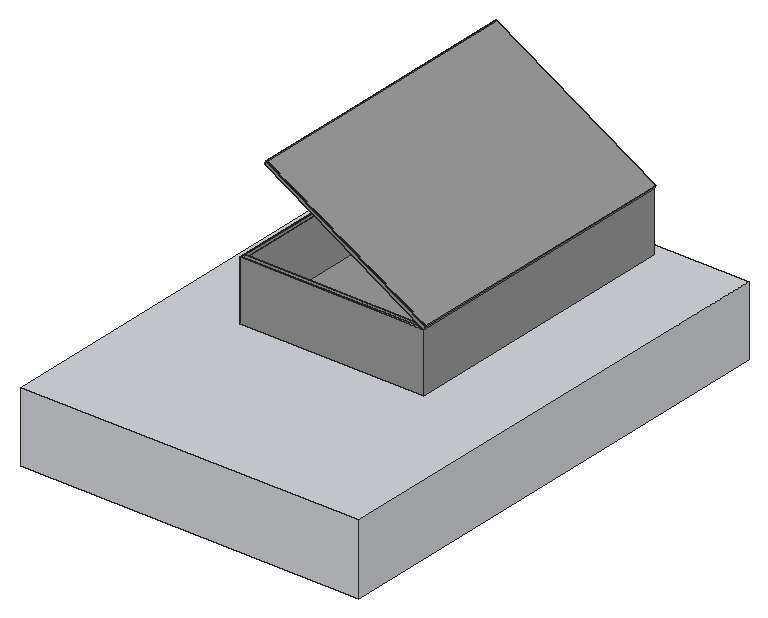
Revit family "Hager-Univers-IP55-D275-H1250-Cl.I-Steel_encl-PL-en", category Equipement électrique, Revit 2020
Family settings
  Hôte = Face
  Configuration du panneau = Deux colonnes, circuits au sein
  Cote de connecteur circulaire = Utiliser le diamètre
  Type d'élément = Tableau de raccordement
  Couper avec des vides une fois chargée = Non
  Partagée = Non
  Point de calcul de pièce = Non
Parameters (values of type "Surface mounted (plaster) IP55 W800 H1250 D275  - FR83E")
  Width Control [instance] = if([EF000008 - Width] > Min Width, [EF000008 - Width], Min Width)  # 800 mm
  Commentaires du type = [HG000003 - Range]  # "Univers"
  Thickness Door [instance] = if([EF009171 - Material plate thickness door/cover] > 3 mm, 3 mm, [EF009171 - Material plate thickness door/cover])  # 1.5 mm
  Seal Frame Offset [instance] = 17 mm  # constant formula
  Plinth Visibility [instance] = [HG000027 - Plinth height] > 0 mm  # no
  Model = ""
  Min Width [instance] = 100 mm  # constant formula
  Min Height [instance] = 100 mm  # constant formula
  Min Depth [instance] = (2 * [EF009170 - Material plate thickness cabinet]) + 1 mm  # 4 mm
  Internal Frame Depth [instance] = (Door System Depth * 0.5)  # 9 mm
  Height Control [instance] = if([EF000040 - Height] > Min Height, [EF000040 - Height], Min Height)  # 1250 mm
  HG000027 - Plinth height = 0 mm
  HG000026 - Floor standing = no
  HG000024 - Bottom section height = 800 mm
  HG000023 - Double section enclosure = no
  HG000016 - Door 3d visibility [instance] = yes
  HG000015 - Clearance visibility [instance] = no
  HG000014 - Door on the right [instance] = yes
  HG000013 - Door on the left [instance] = not([HG000014 - Door on the right])  # no
  HG000012 - Door swing angle [instance] = 30.00°
  HG000010 - Asymmetric doors = no
  HG000009 - Double swing door = no
  HG000006 - Flush mounted = no
  HG000004 - Manufacturer reference = "FR83E"
  HG000003 - Range = "Univers"
  HG000002 - With door or cover = yes
  Frame Offset Bottom [instance] = 10 mm  # constant formula
  Frame Offset [instance] = 15 mm  # constant formula
  EF015940 - Cover with overpressure release = no
  EF011959 - Degree of protection (NEMA) = ""
  EF009554 - Number of openings for flange plates = 6
  EF009212 - Cover model = "EV000116 - Closed"
  EF009171 - Material plate thickness door/cover = 1.5 mm
  EF009170 - Material plate thickness cabinet = 1.5 mm
  Fabricant = "Hager"  # constant formula
  EF008873 - Nominal current (In) = 800 A
  EF007800 - Suitable for lightning protection = no
  EF006306 - With lock = no
  EF006244 - Transparent cover/door = no
  EF005474 - Degree of protection (IP) = "EV006420 - IP55"
  EF004464 - Type of door = "EV002646 - Single"
  EF004427 - Number of modules = 288
  EF004293 - Impact strength = "EV008784 - IK10"
  EF003532 - Suitable for outdoor use = no
  EF002950 - Width in number of modular spacings = 24
  EF001613 - Circuit integrity = "EV000494 - None"
  EF001596 - Material housing = "EV000179 - Steel"
  EF001131 - Internal depth = 275 mm
  EF001088 - Extension possible = yes
  EF000437 - Number of conduit inlets = 6
  EF000339 - Type of cover = "EV004216 - Door"
  EF000266 - Number of rows = 8
  EF000218 - Built-in depth = 0 mm
  EF000118 - With mounting plate = no
  EF000116 - RAL-number = "7035"
  EF000049 - Depth = 275 mm
  EF000040 - Height = 1250 mm
  EF000008 - Width = 800 mm
  EF000007 - Colour = "EV000270 - Grey"
  EF000003 - Mounting method = "EV000384 - Surface mounted (plaster)"
  Door System Leaf Tolerance [instance] = 1.5 mm  # constant formula
  Door System Depth [instance] = 18 mm  # constant formula
  Door Height [instance] = Height Control - [HG000027 - Plinth height]  # 1250 mm
  Depth Control [instance] = if([EF000049 - Depth] > Min Depth, [EF000049 - Depth], Min Depth)  # 275 mm
  Default Elevation = 0 mm
  Connector Offset [instance] = Height Control / 2  # 625 mm
  Bottom Top Plate Trim [instance] = 1.5 mm  # constant formula
  Plinth height Ctrl [instance] = if([HG000027 - Plinth height] > 0 mm, [HG000027 - Plinth height], 12 mm)  # 12 mm
Types (5, lengths in mm): name | Width Control | HG000010 - Asymmetric doors | HG000009 - Double swing door | HG000004 - Manufacturer reference | EF009554 - Number of openings for flange plates | EF004464 - Type of door | EF004427 - Number of modules | EF000437 - Number of conduit inlets | EF000008 - Width
  Surface mounted (plaster) IP55 W1050 H1250 D275  - FR84E | 1050 | no | yes | "FR84E" | 8 | "EV003602 - Double" | 384 | 8 | 1050
  Surface mounted (plaster) IP55 W1300 H1250 D275  - FR85E | 1300 | yes | yes | "FR85E" | 10 | "EV003602 - Double" | 480 | 10 | 1300
  Surface mounted (plaster) IP55 W300 H1250 D275  - FR81E | 300 | no | no | "FR81E" | 2 | "EV002646 - Single" | 96 | 2 | 300
  Surface mounted (plaster) IP55 W550 H1250 D275  - FR82E | 550 | no | no | "FR82E" | 4 | "EV002646 - Single" | 192 | 4 | 550
  Surface mounted (plaster) IP55 W800 H1250 D275  - FR83E | 800 | no | no | "FR83E" | 6 | "EV002646 - Single" | 288 | 6 | 800
Reference planes
  plane 1 "Center (Front/Back)": y = 0
  plane 2: z = 0
  plane 3 "Center (Left/Right)": x = 0
  plane 4: z = 275
  plane 5: y = 1.5
  plane 6: y = 625
  plane 7: y = 0
  plane 8: y = 1250
  plane 9: z = 0
  plane 10: x = -385
  plane 11: x = 385
  plane 12: x = 383.5
  plane 13: x = -383.5
  plane 14: y = 1248.5
  plane 15: x = -383
  plane 16: x = -400
  plane 17: x = 383
  plane 18: x = 400
  plane 19: x = 398.5
  plane 20: x = -398.5
  plane 21: y = 11.5
  plane 22: y = 1250
  plane 23: y = 1233.5
  plane 24: z = 257
  plane 25: z = 1.5
  plane 26: z = 255.5
  plane 27: z = 273.5
Forms (mm)
  Extrusion 1, solid
    sketch origin (0, 0, 0) x (1, 0, 0) y (0, 1, 0)
      loop
        line (-702.964, 1305) -> (-702.964, -811.445) -> (766.763, -811.445) -> (766.763, 1305) -> (-702.964, 1305)
    from 0 to -304.8
  Extrusion 2, solid, material "Hager_Steel_RAL7035_Light_Grey", visible <- "Plinth Visibility", detail levels medium+fine
    sketch origin (0, 0, 0) x (1, 0, 0) y (0, 1, 0)
      loop
        line (-400, 0) -> (400, 0) -> (400, 12) -> (-400, 12) -> (-400, 0)
    from 0 to 257
  Extrusion 3, solid, material "Hager_Steel_RAL7035_Light_Grey", detail levels medium+fine
    sketch origin (0, 0, 0) x (1, 0, 0) y (0, 1, 0)
      loop
        line (-400, 0) -> (400, 0) -> (400, 1250) -> (-400, 1250) -> (-400, 0)
    from 0 to 257
  Extrusion 4, void
    sketch origin (0, 0, 0) x (1, 0, 0) y (0, 1, 0)
      loop
        line (-398.5, 1.5) -> (398.5, 1.5) -> (398.5, 1248.5) -> (-398.5, 1248.5) -> (-398.5, 1.5)
    from 1.5 to 255.5
  Extrusion 5, void
    sketch origin (-381.607, -4572, 257) x (0, -1, 0) y (-1, 0, 0)
      loop
        line (-4583.5, 1.893) -> (-5805.5, 1.893) -> (-5805.5, -765.107) -> (-4583.5, -765.107) -> (-4583.5, 1.893)
    from 0 to 1.5 <- "EF009170 - Material plate thickness cabinet"
  Extrusion 6, solid, material "Hager_Steel_RAL7035_Light_Grey", detail levels fine
    sketch origin (0, 0, 257) x (1, 0, 0) y (0, 1, 0)
      loop
        line (-383.5, 1233.5) -> (-383.5, 11.5) -> (383.5, 11.5) -> (383.5, 1233.5) -> (-383.5, 1233.5)
      loop
        line (-385, 10) -> (385, 10) -> (385, 1235) -> (-385, 1235) -> (-385, 10)
    from 0 to 9 <- "Internal Frame Depth"
  Extrusion 7, solid, material "Hager_Steel_RAL7035_Light_Grey", detail levels coarse
    sketch origin (0, 0, 0) x (1, 0, 0) y (0, 1, 0)
      loop
        line (-400, 0) -> (400, 0) -> (400, 1250) -> (-400, 1250) -> (-400, 0)
    from 0 to 275
  Sweep 8, void
    path in 3D
      loop
        line (-400, 12, 0) -> (400, 12, 0) -> (400, 12, 257) -> (-400, 12, 257) -> (-400, 12, 0)
    profile origin (-400, 12, 128.5) x (-1, 0, 0) y (0, -1, 0)
      loop
        line (0, 0) -> (0, 1.5) -> (-1.5, 1.5)
        arc (-1.5, 1.5) -> (-1.061, 0.439) -> (0, 0) r 1.5
Cuts and joins
  Extrusion 4, Extrusion 5 cuts Extrusion 3
  Sweep 8 cuts Extrusion 2
Lines and regions (mm)
  Masking region 1
    outline origin (0, 0, 0) x (1, 0, 0) y (0, 0, 1)
      loop
        line (-400, 275) -> (-400, 0) -> (400, 0) -> (400, 275) -> (-400, 275)
  Masking region 2, detail levels medium+fine
    outline origin (0, 140, 0) x (0, 1, 0) y (0, 0, 1)
      loop
        line (-140, 0) -> (1110, 0) -> (1110, 257) -> (-140, 257) -> (-140, 0)
  Masking region 3, not visible, detail levels medium+fine
    outline origin (0, 297.922, 0) x (0, 1, 0) y (0, 0, 1)
      loop
        line (338.578, 0) -> (378.578, 0) -> (378.578, 263.5)
        arc (378.578, 263.5) -> (375.649, 270.571) -> (368.578, 273.5) r 10
        line (368.578, 273.5) -> (338.578, 273.5) -> (338.578, 0)
  Masking region 4, detail levels coarse
    outline origin (0, 0, 180) x (0, 1, 0) y (0, 0, 1)
      loop
        line (0, -180) -> (1250, -180) -> (1250, 95) -> (0, 95) -> (0, -180)
  Masking region 5, visible <- "Plinth Visibility", detail levels medium+fine
    outline origin (0, 52.24, 12.345) x (0, 0, -1) y (0, 1, 0)
      loop
        line (10.845, -40.24) -> (-243.155, -40.24)
        arc (-243.155, -40.24) -> (-243.594, -41.301) -> (-244.655, -41.74) r 1.5
        line (-244.655, -41.74) -> (-244.655, -52.24) -> (12.345, -52.24) -> (12.345, -41.74)
        arc (12.345, -41.74) -> (11.285, -41.301) -> (10.845, -40.24) r 1.5
  Masking region 6, detail levels medium+fine
    outline origin (-381.607, -4572, 257) x (-1, 0, 0) y (0, -1, 0)
      loop
        line (18.393, -5822) -> (18.393, -4572) -> (-781.607, -4572) -> (-781.607, -5822) -> (18.393, -5822)
  Masking region 7, visible <- "Plinth Visibility", detail levels medium+fine
    outline origin (-381.607, -4727, 257) x (-1, 0, 0) y (0, -1, 0)
      loop
        arc (16.893, -4739) -> (17.332, -4737.939) -> (18.393, -4737.5) r 1.5
        line (18.393, -4737.5) -> (18.393, -4727) -> (-781.607, -4727) -> (-781.607, -4737.5)
        arc (-781.607, -4737.5) -> (-780.546, -4737.939) -> (-780.107, -4739) r 1.5
        line (-780.107, -4739) -> (16.893, -4739)
  Masking region 8, detail levels coarse
    outline origin (-442.548, -4669.526, 257) x (-1, 0, 0) y (0, -1, 0)
      loop
        line (-42.548, -5919.526) -> (-42.548, -4669.526) -> (-842.548, -4669.526) -> (-842.548, -5919.526) -> (-42.548, -5919.526)
  sketch lines
    curve 1: line (-400, 12, 257) -> (-400, 12, 0)
    curve 2: line (400, 12, 257) -> (-400, 12, 257)
    curve 3: line (400, 12, 257) -> (400, 12, 0)
    curve 4: line (-400, 12, 0) -> (400, 12, 0)
Dimensions and locks
  "Depth Control": plane 4 to Extrusion 1
  "HG000027 - Plinth height": plane 1 "Center (Front/Back)" to plane 7
  "EF009170 - Material plate thickness cabinet": plane 5 to plane 7
  locked: connector elem to plane 3 "Center (Left/Right)"
  equal spacing: plane 8, plane 6, plane 7
  locked: connector elem to plane 6
  "EF009170 - Material plate thickness cabinet": plane 8 to plane 14
  "EF009170 - Material plate thickness cabinet": plane 10 to plane 13
  "EF009170 - Material plate thickness cabinet": plane 12 to plane 11
  "Frame Offset": plane 20 to plane 13
  "Frame Offset": plane 12 to plane 19
  "EF009170 - Material plate thickness cabinet": plane 16 to plane 20
  "EF009170 - Material plate thickness cabinet": plane 19 to plane 18
  "Seal Frame Offset": plane 16 to plane 15
  "Seal Frame Offset": plane 17 to plane 18
  "Frame Offset Bottom": plane 21 to plane 5
  "Frame Offset": plane 14 to plane 23
  equal spacing: plane 16, plane 3 "Center (Left/Right)", plane 18
  "Width Control": plane 16 to plane 18
  "EF009170 - Material plate thickness cabinet": plane 4 to plane 27
  "EF009170 - Material plate thickness cabinet": plane 24 to plane 26
  "EF009170 - Material plate thickness cabinet": plane 25 to level
  "Door System Depth": plane 4 to plane 24
  "Height Control": plane 1 "Center (Front/Back)" to Extrusion 7 sketch curve
  "Height Control": Masking region 4 sketch curve to plane 1 "Center (Front/Back)"
  "Height Control": plane 1 "Center (Front/Back)" to plane 22
  "Bottom Top Plate Trim": profile plane to Sweep 8 sketch curve
  "Bottom Top Plate Trim": Sweep 8 sketch curve to profile plane
  "Plinth height Ctrl": plane 1 "Center (Front/Back)" to Extrusion 2 sketch curve
  "Plinth height Ctrl": Masking region 5 sketch curve to plane 1 "Center (Front/Back)"
  "Plinth height Ctrl": plane 1 "Center (Front/Back)" to Masking region 7 sketch curve
  "Thickness Door": Extrusion 6 sketch curve to Extrusion 6 sketch curve  (x3)
  "Thickness Door": cut or joined group of Extrusion 3, Extrusion 4, Extrusion 5 to Extrusion 6 sketch curve
  radius of Masking region 3 sketch curve = 10 mm
  "Bottom Top Plate Trim": radius of Masking region 5 sketch curve  (x2)
  "Bottom Top Plate Trim": radius of Sweep 8 sketch curve
  "Bottom Top Plate Trim": radius of Masking region 7 sketch curve  (x2)
  aligned and locked: plane 2 to Extrusion 1
  aligned and locked: level to Extrusion 1
  aligned and locked: level to Masking region 1 sketch curve
  aligned and locked: Masking region 1 sketch curve to plane 18
  aligned and locked: Masking region 1 sketch curve to plane 16
  aligned and locked: plane 7 to Masking region 2 sketch curve
  aligned and locked: level to Masking region 3 sketch curve
  aligned and locked: Masking region 3 sketch curve to plane 27
  aligned and locked: level to Masking region 2 sketch curve
  aligned and locked: plane 1 "Center (Front/Back)" to Extrusion 2 sketch curve
  aligned and locked: Extrusion 3 sketch curve to plane 7
  aligned and locked: plane 16 to Extrusion 3 sketch curve
  aligned and locked: plane 18 to Extrusion 3 sketch curve
  aligned and locked: plane 20 to Extrusion 4 sketch curve
  aligned and locked: plane 19 to Extrusion 4 sketch curve
  aligned and locked: Extrusion 4 sketch curve to plane 5
  aligned and locked: Extrusion 4 to plane 25
  aligned and locked: plane 26 to Extrusion 4
  aligned and locked: plane 24 to Extrusion 3
  aligned and locked: Extrusion 5 sketch curve to plane 21
  aligned and locked: Extrusion 5 sketch curve to plane 13
  aligned and locked: Extrusion 5 sketch curve to plane 12
  aligned and locked: plane 18 to Extrusion 7 sketch curve
  aligned and locked: plane 1 "Center (Front/Back)" to Extrusion 7 sketch curve
  aligned and locked: plane 16 to Extrusion 7 sketch curve
  aligned and locked: plane 4 to Extrusion 7
  aligned and locked: Extrusion 7 to level
  aligned and locked: level to Masking region 4 sketch curve
  aligned and locked: Masking region 4 sketch curve to plane 1 "Center (Front/Back)"
  aligned and locked: Masking region 4 sketch curve to plane 4
  aligned and locked: nested 1 to level
  aligned and locked: nested 1 to plane 16
  aligned and locked: plane 8 to Extrusion 3 sketch curve
  aligned and locked: plane 23 to Extrusion 5 sketch curve
  aligned and locked: plane 14 to Extrusion 4 sketch curve
  aligned and locked: Masking region 2 sketch curve to plane 8
  aligned and locked: level to Masking region 5 sketch curve
  aligned and locked: plane 16 to Extrusion 2 sketch curve
  aligned and locked: plane 18 to Extrusion 2 sketch curve
  aligned and locked: Masking region 5 sketch curve to plane 24
  aligned and locked: Masking region 2 sketch curve to plane 24
  aligned and locked: plane 24 to Extrusion 2
  aligned and locked: profile plane to Sweep 8 sketch curve  (x2)
  aligned and locked: Masking region 6 sketch curve to plane 18
  aligned and locked: Masking region 6 sketch curve to plane 22
  aligned and locked: Masking region 6 sketch curve to plane 16
  aligned and locked: plane 8 to plane 22
  aligned and locked: Masking region 6 sketch curve to plane 7
  aligned and locked: Masking region 7 sketch curve to plane 16
  aligned and locked: Masking region 7 sketch curve to plane 1 "Center (Front/Back)"
  aligned and locked: Masking region 7 sketch curve to plane 18
  aligned and locked: Masking region 8 sketch curve to plane 1 "Center (Front/Back)"
  aligned and locked: Masking region 8 sketch curve to plane 18
  aligned and locked: Masking region 8 sketch curve to plane 22
  aligned and locked: Masking region 8 sketch curve to plane 16
  aligned and locked: nested 2 to plane 7
  aligned and locked: plane 3 "Center (Left/Right)" to nested 2
  aligned and locked: nested 2 to plane 24
  aligned and locked: Extrusion 6 sketch curve to cut or joined group of Extrusion 3, Extrusion 4, Extrusion 5  (x4)
Automatic sketch dimensions
  Extrusion 1 sketch curve to Extrusion 1 sketch curve = 1469.727 mm
  Extrusion 1 sketch curve to Extrusion 1 sketch curve = 2116.445 mm
  Masking region 1 sketch curve to plane 4 = 0 mm
  plane 6 to Masking region 3 sketch curve = 11.5 mm
  Masking region 3 sketch curve to Masking region 3 sketch curve = 30 mm
  Masking region 5 sketch curve to plane 1 "Center (Front/Back)" = 0 mm
Nested families
  nested 1: "Hager_Enclosure_Symbol" at (-400, 0, 0) x (1, 0, 0) z (0, -1, 0), Height <- "Depth Control", Width <- "Width Control", type "Hager_Enclosure_Symbol"
    with Width_Ctrl 800 mm, Width 800 mm, Height_Ctrl 275 mm, Height 275 mm, A_Width_Int 18.047 mm, A_Width 216.562 mm, A_Height_Ctrl 240.625 mm, A_Height 240.625 mm
  nested 2: "EC000058_Univers_Door" at (0, 0, 257) x (1, 0, 0) z (0, 1, 0), Leaf_Tolerance <- "Door System Leaf Tolerance", Angle <- "HG000012 - Door swing angle", Door_Depth <- "Door System Depth", Door_Left <- "HG000013 - Door on the left", Transparent <- "EF006244 - Transparent cover/door", Assymetrical <- "HG000010 - Asymmetric doors", Width <- "Width Control", Clearance <- "HG000015 - Clearance visibility", Double <- "HG000009 - Double swing door", 3d_Door <- "HG000016 - Door 3d visibility", Lock_Visibility <- "EF006306 - With lock", Width_Ctrl <- "Width Control", Door_Right <- "HG000014 - Door on the right", Door <- "HG000002 - With door or cover", Height <- "Door Height", Thickness <- "Thickness Door", type "EC000058_Univers_Door", detail levels medium+fine
    with min_wh 4 mm, Width_Ctrl 800 mm, Width 800 mm, Transparent no, Thickness 1.5 mm, Seal_Material Hager_Rubber, Lock_Visibility no, Lock_Material Hager_Plastic_RAL9005_Jet_Black, Leaf_Width 800 mm, Leaf_Tolerance_External_Sides 0 mm, Leaf_Tolerance 1.5 mm, Leaf_Offset 0 mm, Leaf_Height 1247 mm, Leaf_2_Width 800 mm, Leaf_2_Offset 400 mm, Leaf_1_Width 800 mm, Leaf_1_Offset 400 mm, Height_Ctrl 1250 mm, Height 1250 mm, Glass_Material Hager_Glass, Double_Clearance_Ctrl no, Double no, Door_Right_Ctrl yes, Door_Right yes, Door_Material Hager_Steel_RAL7035_Light_Grey, Door_Left_Ctrl no, Door_Left no, Door_Depth 18 mm, Door yes, Clearance_Material Hager_Clearance, Clearance_Depth 800 mm, Clearance_Ctrl no, Clearance no, Assymetrical no, Angle 30.00°, 3d_Door yes
Connectors
  electrical at (0, 625, 0)
    settings: on plane 9, index 1, voltage 0 V, apparent load 0 VA, apparent load phase1 0 VA, apparent load phase2 0 VA, apparent load phase3 0 VA, power factor 1, load classification "Other", number of poles 1, system type 30, power factor state 1, is connector primary yes, connector utility no, sub classification motor no, connector description ""
Definition of nested family "EC000058_Univers_Door"
  Parameters (values of type "EC000058_Univers_Door")
    min_wh [instance] = (2 * Thickness) + 1 mm  # 11 mm
    Width_Ctrl [instance] = 400 mm
    Width [instance] = 500 mm
    Transparent [instance] = yes
    Thickness [instance] = 5 mm
    Seal_Material [instance] = none
    Lock_Visibility [instance] = yes
    Lock_Material [instance] = none
    Leaf_Width [instance] = if((Width_Ctrl - 2 * Leaf_Tolerance_External_Sides) > 0 mm, (Width_Ctrl - 2 * Leaf_Tolerance_External_Sides), min_wh)  # 400 mm
    Leaf_Tolerance_External_Sides [instance] = 0 mm  # constant formula
    Leaf_Tolerance [instance] = 1.5 mm
    Leaf_Offset [instance] = 0 mm  # constant formula
    Leaf_Height [instance] = if((Height_Ctrl - 2 * Leaf_Tolerance) > 0 mm, (Height_Ctrl - 2 * Leaf_Tolerance), min_wh)  # 497 mm
    Leaf_2_Width [instance] = if(and(and(Double, Assymetrical), Door_Left), (Leaf_Width / 3) - (Leaf_Tolerance / 2), if(and(and(Double, Assymetrical), Door_Right), (Leaf_Width / 3) * 2 - (Leaf_Tolerance / 2), if(and(Double, not(Assymetrical)), (Leaf_Width / 2) - Leaf_Tolerance, Leaf_Width)))  # 400 mm
    Leaf_2_Offset [instance] = if(and(Double, Assymetrical), Leaf_2_Width / 2, if(and(Double, not(Assymetrical)), Leaf_Width / 4, Leaf_Width / 2))  # 200 mm
    Leaf_1_Width [instance] = if(and(and(Double, Assymetrical), Door_Right), (Leaf_Width / 3) - (Leaf_Tolerance / 2), if(and(and(Double, Assymetrical), Door_Left), (Width / 3) * 2 - (Leaf_Tolerance / 2), if(and(Double, not(Assymetrical)), (Leaf_Width / 2) - Leaf_Tolerance, Leaf_Width)))  # 400 mm
    Leaf_1_Offset [instance] = if(and(Double, Assymetrical), Leaf_1_Width / 2, if(and(Double, not(Assymetrical)), Leaf_Width / 4, Leaf_Width / 2))  # 200 mm
    Height_Ctrl [instance] = if(Height > min_wh, Height, min_wh)  # 500 mm
    Height [instance] = 500 mm
    Glass_Material [instance] = none
    Double_Clearance_Ctrl [instance] = and(Double, Clearance)  # no
    Double [instance] = no
    Door_Right_Ctrl [instance] = and(or(Door_Right, Double), Door)  # yes
    Door_Right [instance] = yes
    Door_Material [instance] = none
    Door_Left_Ctrl [instance] = and(or(Door_Left, Double), Door)  # no
    Door_Left [instance] = no
    Door_Depth [instance] = 30 mm
    Door [instance] = yes
    Default Elevation = 1219.2 mm
    Clearance_Material [instance] = none
    Clearance_Depth [instance] = if(Leaf_1_Width > Leaf_2_Width, Leaf_1_Width, Leaf_2_Width)  # 400 mm
    Clearance_Ctrl [instance] = and(not(Double), Clearance)  # yes
    Clearance [instance] = yes
    Assymetrical [instance] = yes
    Angle [instance] = 30.00°
    3d_Door [instance] = yes
  Reference planes
    plane 1 "Center (Front/Back)": y = 0
    plane 2 "Bottom": z = 0
    plane 3 "Center (Left/Right)": x = 0
    plane 4: z = 500
    plane 5: x = -200
    plane 6: x = 200
    plane 7: z = 500
    plane 8: x = -200
    plane 9: z = 0
    plane 10: x = 200
    plane 11: y = 0
    plane 12: z = 1.5
    plane 13: x = -600
    plane 14: y = -400
    plane 15: x = 600
    plane 16: x = 0
    plane 17: x = 0
    plane 18: x = -200
    plane 19: x = 200
    plane 20: z = 498.5
  Forms (mm)
    Extrusion 1, solid, material <- "Clearance_Material", visible <- "Double_Clearance_Ctrl"
      sketch origin (1200, 0, 0) x (1, 0, 0) y (0, 0, -1)
        loop
          line (-1800, -498.5) -> (-600, -498.5) -> (-600, 0) -> (-1800, 0) -> (-1800, -498.5)
      from 0 to -400
  Dimensions and locks
    equal spacing: plane 5, plane 3 "Center (Left/Right)", plane 6
    "Width_Ctrl": plane 5 to plane 6
    "Leaf_Offset": plane 5 to plane 8
    "Leaf_Offset": plane 6 to plane 10
    "Leaf_Offset": plane 9 to level
    "Leaf_Offset": plane 4 to plane 7
    "Height_Ctrl": plane 4 to level
    "Leaf_Tolerance": plane 12 to plane 9
    locked: plane 11 to plane 1 "Center (Front/Back)"
    "Leaf_1_Offset": plane 18 to plane 16
    "Leaf_2_Offset": plane 17 to plane 19
    "Leaf_1_Width": plane 13 to plane 8
    "Leaf_2_Width": plane 10 to plane 15
    "Clearance_Depth": plane 14 to plane 1 "Center (Front/Back)"
    "Leaf_Tolerance_External_Sides": plane 8 to plane 18
    "Leaf_Tolerance_External_Sides": plane 19 to plane 10
    "Leaf_Tolerance": plane 7 to plane 20
    aligned and locked: level to plane 2 "Bottom"
    aligned and locked: nested 1 to plane 16
    aligned and locked: nested 2 to plane 17
    aligned and locked: Extrusion 1 to plane 13
    aligned and locked: plane 15 to Extrusion 1
    aligned and locked: Extrusion 1 to plane 14
    aligned and locked: plane 12 to nested 1
    aligned and locked: nested 2 to plane 12
    aligned and locked: Extrusion 1 to plane 11
    aligned and locked: plane 20 to Extrusion 1
    aligned and locked: nested 2 to plane 11
    aligned and locked: nested 1 to plane 11
  Automatic sketch dimensions
    Extrusion 1 sketch curve to level = 0 mm
    plane 5 to Extrusion 1 sketch curve = 400 mm
    plane 6 to Extrusion 1 sketch curve = 400 mm
    Extrusion 1 sketch curve to plane 4 = 1.5 mm
  Nested families
    nested 1: "EC000058_Univers_Door_Leaf" at (0, 0, 1.5), Width <- "Leaf_1_Width", visible <- "Door_Left_Ctrl", Leaf_Height <- "Leaf_Height", Angle <- "Angle", 3d_Door <- "3d_Door", Transparent <- "Transparent", Clearance Material <- "Clearance_Material", Clearance <- "Clearance_Ctrl", Door_Material <- "Door_Material", Glass_Material <- "Glass_Material", Door_Depth <- "Door_Depth", Lock_Material <- "Lock_Material", Seal_Material <- "Seal_Material", Lock_Visibility <- "Lock_Visibility", Thickness <- "Thickness", type "EC000058_Univers_Door_Leaf"
      with Width 400 mm, Transparent_Glass_Offset 30 mm, Transparent_Ctrl yes, Transparent yes, Thickness 5 mm, Standard no, Seal_Material none, Seal_D2 8 mm, Seal_D1 1 mm, Offset_Internal_Frame 10 mm, Lock_Width 20 mm, Lock_Visibility_3d yes, Lock_Visibility yes, Lock_Thickness_3 3 mm, Lock_Thickness_2 1 mm, Lock_Thickness_1 3 mm, Lock_Radius_Offset_2 16 mm, Lock_Radius_Offset_1 15 mm, Lock_Radius_2 5 mm, Lock_Radius 6 mm, Lock_Offset 5 mm, Lock_Material none, Lock_Height 80 mm, Lock_Cover_Top_Offset_2d 17 mm, Lock_Cover_Height -65 mm, Leaf_Height 497 mm, Internal_Seal_Thickness 8 mm, Internal_Seal_Depth_2 4.5 mm, Internal_Frame_Depth 25 mm, Glass_Thickness -1 mm, Glass_Offset -2 mm, Glass_Material none, Door_Material none, Door_Depth 30 mm, Clearance Material none, Clearance yes, Angle_Ctrl 30.00°, Angle 30.00°, 3d_Door yes
    nested 2: "EC000058_Univers_Door_Leaf" at (0, 0, 1.5) x (-1, 0, 0) z (0, 0, 1), Width <- "Leaf_2_Width", visible <- "Door_Right_Ctrl", Leaf_Height <- "Leaf_Height", Angle <- "Angle", 3d_Door <- "3d_Door", Transparent <- "Transparent", Clearance Material <- "Clearance_Material", Clearance <- "Clearance_Ctrl", Door_Material <- "Door_Material", Glass_Material <- "Glass_Material", Door_Depth <- "Door_Depth", Lock_Material <- "Lock_Material", Seal_Material <- "Seal_Material", Lock_Visibility <- "Lock_Visibility", Thickness <- "Thickness", type "EC000058_Univers_Door_Leaf"
      with Width 400 mm, Transparent_Glass_Offset 30 mm, Transparent_Ctrl yes, Transparent yes, Thickness 5 mm, Standard no, Seal_Material none, Seal_D2 8 mm, Seal_D1 1 mm, Offset_Internal_Frame 10 mm, Lock_Width 20 mm, Lock_Visibility_3d yes, Lock_Visibility yes, Lock_Thickness_3 3 mm, Lock_Thickness_2 1 mm, Lock_Thickness_1 3 mm, Lock_Radius_Offset_2 16 mm, Lock_Radius_Offset_1 15 mm, Lock_Radius_2 5 mm, Lock_Radius 6 mm, Lock_Offset 5 mm, Lock_Material none, Lock_Height 80 mm, Lock_Cover_Top_Offset_2d 17 mm, Lock_Cover_Height -65 mm, Leaf_Height 497 mm, Internal_Seal_Thickness 8 mm, Internal_Seal_Depth_2 4.5 mm, Internal_Frame_Depth 25 mm, Glass_Thickness -1 mm, Glass_Offset -2 mm, Glass_Material none, Door_Material none, Door_Depth 30 mm, Clearance Material none, Clearance yes, Angle_Ctrl 30.00°, Angle 30.00°, 3d_Door yes
  Definition of nested family "EC000058_Univers_Door_Leaf"
    Parameters (values of type "EC000058_Univers_Door_Leaf")
      Width [instance] = 2000 mm
      Transparent_Glass_Offset [instance] = 30 mm
      Transparent_Ctrl [instance] = and(Transparent, [3d_Door])  # yes
      Transparent [instance] = yes
      Thickness [instance] = 5 mm
      Standard [instance] = and(not(Transparent), [3d_Door])  # no
      Seal_Material [instance] = none
      Seal_D2 [instance] = 8 mm  # constant formula
      Seal_D1 [instance] = 1 mm  # constant formula
      Offset_Internal_Frame [instance] = 10 mm  # constant formula
      Lock_Width [instance] = 20 mm  # constant formula
      Lock_Visibility_3d [instance] = and(Lock_Visibility, [3d_Door])  # yes
      Lock_Visibility [instance] = yes
      Lock_Thickness_3 [instance] = 3 mm  # constant formula
      Lock_Thickness_2 [instance] = 1 mm  # constant formula
      Lock_Thickness_1 [instance] = 3 mm  # constant formula
      Lock_Radius_Offset_2 [instance] = Lock_Radius_Offset_1 + 1 mm  # 16 mm
      Lock_Radius_Offset_1 [instance] = 15 mm  # constant formula
      Lock_Radius_2 [instance] = Lock_Radius - 1 mm  # 5 mm
      Lock_Radius [instance] = 6 mm  # constant formula
      Lock_Offset [instance] = 5 mm  # constant formula
      Lock_Material [instance] = none
      Lock_Height [instance] = 80 mm  # constant formula
      Lock_Cover_Top_Offset_2d [instance] = Lock_Radius_Offset_2 + 1 mm  # 17 mm
      Lock_Cover_Height [instance] = -(Lock_Height - Lock_Radius_Offset_1)  # -65 mm
      Leaf_Height [instance] = 2720.336 mm
      Internal_Seal_Thickness [instance] = 8 mm  # constant formula
      Internal_Seal_Depth_2 [instance] = 4.5 mm  # constant formula
      Internal_Frame_Depth [instance] = if(Door_Depth - Thickness > 5 mm, Door_Depth - Thickness, 5 mm)  # 25 mm
      Glass_Thickness [instance] = if(Thickness > 15 mm, Glass_Offset + 10 mm, -1 mm)  # -1 mm
      Glass_Offset [instance] = if(Thickness > 15 mm, -(Thickness + 10 mm) / 2, -2 mm)  # -2 mm
      Glass_Material [instance] = none
      Door_Material [instance] = none
      Door_Depth [instance] = 30 mm
      Default Elevation = 0 mm
      Clearance Material [instance] = none
      Clearance [instance] = yes
      Angle_Ctrl [instance] = if(Angle > 180.00°, 180.00°, Angle)  # 90.00°
      Angle [instance] = 90.00°
      3d_Door [instance] = yes
    Reference planes
      plane 1 "Center (Front/Back)": y = 0
      plane 2: z = 0
      plane 3 "Center (Left/Right)": x = 0
      plane 4: y = 2000
      plane 5: x = -1000
      plane 6: x = 1000
      plane 7: x = -3000
      plane 8: z = 2720.336
      plane 9: z = 30
      plane 10: z = 2690.336
      plane 11: x = 970
      plane 12: x = -970
      plane 13: y = -3
      plane 14: z = 107.833
      plane 15: y = -5
      plane 16: y = -223.314
      plane 17: x = -1000
      plane 18: z = 1360.168
      plane 19: y = 30
    Forms (mm)
      Extrusion 1, solid, material <- "Clearance Material", visible <- "Clearance"
        sketch origin (0, 0, 0) x (1, 0, 0) y (0, 0, 1)
          loop
            line (-3000, 2720.336) -> (-3000, 0) -> (1000, 0) -> (1000, 2720.336) -> (-3000, 2720.336)
        from 0 to -2000
      Extrusion 2, solid, material <- "Door_Material", visible <- "Standard", detail levels medium+fine
        sketch origin (-1000, 0, 0) x (0, 1, 0) y (-1, 0, 0)
          loop
            line (0, 30) -> (0, 25) -> (2000, 25) -> (2000, 30) -> (0, 30)
        from 0 to 2720.336 <- "Leaf_Height"
      Extrusion 3, solid, material <- "Door_Material", visible <- "Transparent_Ctrl", detail levels medium+fine
        sketch origin (-1000, 0, 0) x (0, 1, 0) y (-1, 0, 0)
          loop
            line (0, 25) -> (2000, 25) -> (2000, 30) -> (0, 30) -> (0, 25)
        from 0 to 2720.336 <- "Leaf_Height"
      Extrusion 4, void
        sketch origin (-1025, 2000, 0) x (0, 1, 0) y (0, 0, -1)
          loop
            line (-30, -2690.336) -> (-30, -30) -> (-1970, -30) -> (-1970, -2690.336) -> (-30, -2690.336)
        from 0 to 5 <- "Thickness"
      Sweep 5, solid, material <- "Seal_Material", visible <- "Transparent_Ctrl", detail levels fine
        path in 3D
          loop
            line (-1025, 30, 30) -> (-1025, 30, 2690.336) -> (-1025, 1970, 2690.336) -> (-1025, 1970, 30) -> (-1025, 30, 30)
        profile origin (-1025, 1000, 30) x (1, 0, 0) y (0, 0, 1)
          loop
            line (0, 0) -> (0, -8) -> (1, -8) -> (1, 0) -> (0, 0)
      Extrusion 6, solid, material <- "Glass_Material", visible <- "Transparent_Ctrl", detail levels medium+fine
        sketch origin (-1030, 0, 0) x (0, 1, 0) y (0, 0, -1)
          loop
            line (1970, -2690.336) -> (1970, -30) -> (30, -30) -> (30, -2690.336) -> (1970, -2690.336)
        from -2 <- "Glass_Offset" to -1 <- "Glass_Thickness"
      Extrusion 7, solid, material <- "Door_Material", visible <- "3d_Door", detail levels medium+fine
        sketch origin (-1025, 2000, 0) x (0, -1, 0) y (0, 0, -1)
          loop
            line (0, -2720.336) -> (2000, -2720.336) -> (2000, 0) -> (0, 0) -> (0, -2720.336)
          loop
            line (1995, -5) -> (5, -5) -> (5, -2715.336) -> (1995, -2715.336) -> (1995, -5)
        from 0 to 25 <- "Internal_Frame_Depth"
      Sweep 8, solid, material <- "Seal_Material", visible <- "Transparent_Ctrl", detail levels fine
        path in 3D
          loop
            line (-1025, 0, 0) -> (-1025, 2000, 0) -> (-1025, 2000, 2720.336) -> (-1025, 0, 2720.336) -> (-1025, 0, 0)
        profile origin (-1025, 0, 1360.168) x (1, 0, 0) y (0, 1, 0)
          loop
            line (0, 10) -> (2.975, 10)
            arc (2.975, 10) -> (4.053, 10.447) -> (4.5, 11.525) r 1.525
            line (4.5, 11.525) -> (4.5, 16.527)
            arc (4.5, 16.527) -> (4.069, 17.569) -> (3.027, 18) r 1.473
            line (3.027, 18) -> (0, 18) -> (0, 10)
      Extrusion 9, solid, material <- "Lock_Material", visible <- "Lock_Visibility_3d", detail levels fine
        sketch origin (-1030, 0, 0) x (0, 1, 0) y (0, 0, -1)
          loop
            arc (1993.5, -1400.168) -> (1994.561, -1399.729) -> (1995, -1398.668) r 1.5
            line (1995, -1398.668) -> (1995, -1320.168) -> (1975, -1320.168) -> (1975, -1398.668)
            arc (1975, -1398.668) -> (1975.439, -1399.729) -> (1976.5, -1400.168) r 1.5
            line (1976.5, -1400.168) -> (1993.5, -1400.168)
        from 3 <- "Lock_Thickness_1" to 0
      Blend 10, solid, material <- "Lock_Material", visible <- "Lock_Visibility_3d", detail levels fine
        base sketch origin (-1033, 0, 0) x (0, 1, 0) y (0, 0, -1)
          loop
            line (1975, -1320.168) -> (1975, -1398.668)
            arc (1975, -1398.668) -> (1975.439, -1399.729) -> (1976.5, -1400.168) r 1.5
            line (1976.5, -1400.168) -> (1993.5, -1400.168)
            arc (1993.5, -1400.168) -> (1994.561, -1399.729) -> (1995, -1398.668) r 1.5
            line (1995, -1398.668) -> (1995, -1320.168) -> (1975, -1320.168)
        top sketch origin (-1033, 0, 0) x (0, 1, 0) y (0, 0, -1)
          loop
            line (1976, -1320.168) -> (1976, -1398.668)
            arc (1976, -1398.668) -> (1976.146, -1399.022) -> (1976.5, -1399.168) r 0.5
            line (1976.5, -1399.168) -> (1993.5, -1399.168)
            arc (1993.5, -1399.168) -> (1993.854, -1399.022) -> (1994, -1398.668) r 0.5
            line (1994, -1398.668) -> (1994, -1320.168) -> (1976, -1320.168)
        from 0 to 1 <- "Lock_Thickness_2"
      Blend 11, solid, material <- "Lock_Material", visible <- "Lock_Visibility_3d", detail levels fine
        base sketch origin (-1034, 0, 0) x (0, 1, 0) y (0, 0, -1)
          loop
            line (1978, -1320.168) -> (1978, -1384.168)
            arc (1978, -1384.168) -> (1985, -1391.168) -> (1992, -1384.168) r 7
            line (1992, -1384.168) -> (1992, -1320.168) -> (1978, -1320.168)
        top sketch origin (-1034, 0, 0) x (0, 1, 0) y (0, 0, -1)
          loop
            line (1991, -1320.168) -> (1979, -1320.168) -> (1979, -1383.168)
            arc (1979, -1383.168) -> (1985, -1389.168) -> (1991, -1383.168) r 6
            line (1991, -1383.168) -> (1991, -1320.168)
        from 0 to 3 <- "Lock_Thickness_3"
      Extrusion 12, solid, material <- "Lock_Material", visible <- "Lock_Visibility_3d", detail levels fine
        sketch origin (-1030, 1975, 1320.168) x (1, 0, 0) y (0, -1, 0)
          loop
            line (-7, -19) -> (-7, -1) -> (0, -1) -> (0, 0) -> (-8, 0) -> (-8, -20) -> (0, -20) -> (0, -19) -> (-7, -19)
        from 0 to -65 <- "Lock_Cover_Height"
      Extrusion 13, void
        sketch origin (-1038, 1995, 1320.168) x (-1, 0, 0) y (0, 0, -1)
          loop
            line (-5, -65) -> (0, -65) -> (-5, -60) -> (-5, -65)
        from 0 to 20 <- "Lock_Width"
      Extrusion 14, void
        sketch origin (-1038, 1975, 1320.168) x (0, -1, 0) y (0, 0, -1)
          loop
            circle (-10, -15.995) r 6
          loop
            circle (-10, -15.995) r 5
        from 0 to 2
      Extrusion 15, solid, material <- "Lock_Material", visible <- "Lock_Visibility_3d", detail levels medium
        sketch origin (-1030, 0, 0) x (0, 1, 0) y (0, 0, -1)
          loop
            arc (1993.5, -1400.168) -> (1994.561, -1399.729) -> (1995, -1398.668) r 1.5
            line (1995, -1398.668) -> (1995, -1320.168) -> (1975, -1320.168) -> (1975, -1398.668)
            arc (1975, -1398.668) -> (1975.439, -1399.729) -> (1976.5, -1400.168) r 1.5
            line (1976.5, -1400.168) -> (1993.5, -1400.168)
        from 8 to 0
    Cuts and joins
      Extrusion 4 cuts Extrusion 3
      Extrusion 13, Extrusion 14 cuts Extrusion 9
      Extrusion 14 cuts Blend 11
      Extrusion 13, Extrusion 14 cuts Extrusion 12
      joined: Extrusion 9, Blend 10, Blend 11, Extrusion 12
      Extrusion 14 cuts Extrusion 15
    Lines and regions (mm)
      Masking region 1, visible <- "Lock_Visibility", detail levels fine
        outline origin (0, 0, 0) x (0, 1, 0) y (0, 0, 1)
          loop
            line (30, 1320.168) -> (33, 1320.168) -> (33, 1400.168) -> (30, 1400.168) -> (30, 1320.168)
      Masking region 2, visible <- "Lock_Visibility", detail levels fine
        outline origin (0, 3.143, 0) x (0, 1, 0) y (0, 0, 1)
          loop
            line (29.857, 1354.168) -> (30.857, 1354.168) -> (30.857, 1366.168) -> (29.857, 1366.168) -> (29.857, 1354.168)
      Masking region 3, detail levels medium+fine
        outline origin (0, 0, 0) x (0, 1, 0) y (0, 0, 1)
          loop
            line (0, 0) -> (30, 0) -> (30, 2720.336) -> (0, 2720.336) -> (0, 0)
      Masking region 4, detail levels medium+fine
        outline origin (0, 0, 0) x (1, 0, 0) y (0, 0, 1)
          loop
            line (-1000, 2720.336) -> (-1000, 0) -> (1000, 0) -> (1000, 2720.336) -> (-1000, 2720.336)
      Masking region 5, visible <- "Lock_Visibility", detail levels fine
        outline origin (-47.116, 0, 0) x (1, 0, 0) y (0, 0, 1)
          loop
            arc (1024.616, 1399.168) -> (1023.556, 1398.729) -> (1023.116, 1397.668) r 1.5
            line (1023.116, 1397.668) -> (1023.116, 1320.168) -> (1041.116, 1320.168) -> (1041.116, 1397.668)
            arc (1041.116, 1397.668) -> (1040.677, 1398.729) -> (1039.616, 1399.168) r 1.5
            line (1039.616, 1399.168) -> (1024.616, 1399.168)
      Masking region 6, visible <- "Lock_Visibility", detail levels medium+fine
        outline origin (-25, 0, 0) x (1, 0, 0) y (0, 0, 1)
          loop
            arc (1001.5, 1400.168) -> (1000.439, 1399.729) -> (1000, 1398.668) r 1.5
            line (1000, 1398.668) -> (1000, 1320.168) -> (1020, 1320.168) -> (1020, 1398.668)
            arc (1020, 1398.668) -> (1019.561, 1399.729) -> (1018.5, 1400.168) r 1.5
            line (1018.5, 1400.168) -> (1001.5, 1400.168)
      Masking region 7, visible <- "Lock_Visibility", detail levels fine
        outline origin (-73.735, 0, 0) x (1, 0, 0) y (0, 0, 1)
          loop
            line (1051.735, 1382.168) -> (1065.735, 1382.168) -> (1065.735, 1384.168)
            arc (1065.735, 1384.168) -> (1058.735, 1391.168) -> (1051.735, 1384.168) r 7
            line (1051.735, 1384.168) -> (1051.735, 1382.168)
      Masking region 8, visible <- "Lock_Visibility", detail levels fine
        outline origin (-73.735, 0, 0) x (1, 0, 0) y (0, 0, 1)
          loop
            line (1052.735, 1382.168) -> (1064.735, 1382.168) -> (1064.735, 1383.168)
            arc (1064.735, 1383.168) -> (1058.735, 1389.168) -> (1052.735, 1383.168) r 6
            line (1052.735, 1383.168) -> (1052.735, 1382.168)
      Masking region 9, visible <- "Lock_Visibility", detail levels fine
        outline origin (-25, 0, 0) x (1, 0, 0) y (0, 0, 1)
          loop
            line (1020, 1320.168) -> (1020, 1382.168) -> (1000, 1382.168) -> (1000, 1320.168) -> (1020, 1320.168)
      Masking region 10, detail levels medium+fine
        outline origin (0, 0, 0) x (1, 0, 0) y (0, 0, 1)
          loop
            circle (985, 1335.144) r 6
      Masking region 11, detail levels fine
        outline origin (0, 0, 0) x (1, 0, 0) y (0, 0, 1)
          loop
            circle (985, 1335.144) r 5
      Masking region 12, visible <- "Lock_Visibility", detail levels fine
        outline origin (0, 12.767, 0) x (0, 1, 0) y (0, 0, 1)
          loop
            line (20.233, 1320.168) -> (21.233, 1320.168) -> (21.233, 1399.168) -> (20.233, 1400.168) -> (20.233, 1320.168)
      Masking region 13, visible <- "Lock_Visibility", detail levels fine
        outline origin (0, 13.767, -10) x (0, 1, 0) y (0, 0, 1)
          loop
            line (20.233, 1330.168) -> (23.233, 1330.168) -> (23.233, 1399.168) -> (20.233, 1402.168) -> (20.233, 1330.168)
      Masking region 14, visible <- "Lock_Visibility", detail levels fine
        outline origin (0, 12.767, -10) x (0, 1, 0) y (0, 0, 1)
          loop
            line (20.233, 1330.168) -> (25.233, 1330.168) -> (25.233, 1399.305) -> (20.233, 1394.305) -> (20.233, 1330.168)
      Masking region 15, visible <- "Lock_Visibility", detail levels medium
        outline origin (0, 0, 0) x (0, 1, 0) y (0, 0, 1)
          loop
            line (30, 1320.168) -> (38, 1320.168) -> (38, 1400.168) -> (30, 1400.168) -> (30, 1320.168)
      Masking region 16, visible <- "Lock_Visibility", detail levels fine
        outline origin (-1000, 0, 0) x (0, 1, 0) y (-1, 0, 0)
          loop
            line (1975, 30) -> (1995, 30) -> (1995, 38) -> (1975, 38) -> (1975, 30)
          loop
            line (1979, 37) -> (1976, 37) -> (1976, 34) -> (1978, 34) -> (1979, 37)
          loop
            line (1994, 37) -> (1991, 37) -> (1992, 34) -> (1994, 34) -> (1994, 37)
      Masking region 17, visible <- "Lock_Visibility", detail levels medium
        outline origin (-1000, 0, 0) x (0, 1, 0) y (-1, 0, 0)
          loop
            line (1975, 30) -> (1995, 30) -> (1995, 38) -> (1975, 38) -> (1975, 30)
      symbolic lines
        curve 1: line (1000, 0, 0) -> (-3000, 0, 0)
        curve 2: arc (1000, 0, 0) -> (-1000, 2000, 0) -> (-3000, 0, 0) r 2000
        curve 4: line (-1030, 0, 0) -> (-1030, 2000, 0)
      reference lines
        curve 3: line (-1000, 0, 0) -> (-1000, 2000, 0)
      symbolic lines, detail levels medium+fine
        curve 5: line (-1030, 2000, 0) -> (-1025, 2000, 0)
        curve 7: line (-1025, 0, 0) -> (-1030, 0, 0)
        curve 8: line (-1025, 0, 0) -> (-1000, 0, 0)
        curve 9: line (-1000, 0, 0) -> (-1000, 2000, 0)
        curve 10: line (-1000, 2000, 0) -> (-1025, 2000, 0)
      symbolic lines, detail levels fine
        curve 6: line (-1025, 2000, 0) -> (-1025, 0, 0)
      sketch lines
        curve 11: line (-1025, 0, 2720.336) -> (-1025, 0, 0)
        curve 12: line (-1025, 2000, 0) -> (-1025, 0, 0)
        curve 13: line (-1025, 2000, 2720.336) -> (-1025, 2000, 0)
        curve 14: line (-1025, 0, 2720.336) -> (-1025, 2000, 2720.336)
        curve 15: line (-1025, 1970, 30) -> (-1025, 30, 30)
        curve 16: line (-1025, 30, 30) -> (-1025, 30, 2690.336)
        curve 17: line (-1025, 1970, 2690.336) -> (-1025, 1970, 30)
        curve 18: line (-1025, 30, 2690.336) -> (-1025, 1970, 2690.336)
      symbolic lines, visible <- "Transparent", detail levels medium+fine
        curve 19: line (-970, 0, 2690.336) -> (970, 0, 2690.336)
        curve 20: line (-970, 0, 30) -> (-970, 0, 2690.336)
        curve 21: line (970, 0, 30) -> (-970, 0, 30)
        curve 22: line (970, 0, 2690.336) -> (970, 0, 30)
    Dimensions and locks
      "Width": plane 1 "Center (Front/Back)" to plane 4
      equal spacing: plane 5, plane 3 "Center (Left/Right)", plane 6
      "Width": plane 5 to plane 6
      "Width": plane 7 to plane 5
      "Leaf_Height": plane 8 to level
      "Width": curve 5 to curve 3
      "Width": curve 3 to curve 3
      plane 8 to plane 10 = 30 mm
      plane 9 to level = 30 mm
      plane 12 to plane 5 = 30 mm
      plane 6 to plane 11 = 30 mm
      Extrusion 1 to Extrusion 4 sketch curve = 30 mm
      "Transparent_Glass_Offset": curve 3 to Extrusion 4 sketch curve
      "Transparent_Glass_Offset": Extrusion 4 sketch curve to cut or joined group of Extrusion 3, Extrusion 4  (x2)
      cut or joined group of Extrusion 3, Extrusion 4 to Extrusion 6 sketch curve = 30 mm
      "Transparent_Glass_Offset": cut or joined group of Extrusion 3, Extrusion 4 to Extrusion 4 sketch curve
      "Thickness": curve 6 to curve 4
      "Thickness": Extrusion 7 sketch curve to Extrusion 7 sketch curve  (x4)
      "Door_Depth": curve 4 to curve 3
      "Offset_Internal_Frame": profile plane to Sweep 8 sketch curve
      "Internal_Seal_Thickness": Sweep 8 sketch curve to Sweep 8 sketch curve
      "Internal_Seal_Depth_2": profile plane to Sweep 8 sketch curve
      "Seal_D1": profile plane to Sweep 5 sketch curve
      "Seal_D2": profile plane to Sweep 5 sketch curve
      "Thickness": Extrusion 2 sketch curve to Extrusion 2 sketch curve
      equal spacing: Extrusion 9 sketch curve, plane 18, Extrusion 9 sketch curve  (x2)
      equal spacing: Masking region 1 sketch curve, plane 18, Masking region 1 sketch curve
      "Lock_Height": Masking region 1 sketch curve to Masking region 1 sketch curve
      "Lock_Radius": Masking region 2 sketch curve to plane 18 to Masking region 2 sketch curve
      Masking region 2 sketch curve to Masking region 1 = 1 mm
      "Door_Depth": plane 19 to plane 1 "Center (Front/Back)"
      "Lock_Thickness_1": Masking region 1 sketch curve to plane 19
      "Lock_Width": Extrusion 9 sketch curve to Extrusion 9 sketch curve
      "Lock_Height": Extrusion 9 sketch curve to Extrusion 9 sketch curve
      "Lock_Offset": cut or joined group of Extrusion 3, Extrusion 4 to Extrusion 9 sketch curve
      equal spacing: plane 8, plane 18, level
      "Lock_Radius_Offset_1": Blend 11 sketch curve to Blend 10
      locked: Blend 10 to Blend 11 sketch curve at 2  (x2)
      locked: var sketch to Blend 11 sketch curve at 1  (x2)
      "Lock_Radius_Offset_2": Blend 11 sketch curve to Blend 10
      locked: Extrusion 12 sketch curve to Extrusion 12 sketch curve at 1  (x3)
      Masking region 6 sketch curve to Masking region 6 sketch curve = 80 mm
      "Lock_Height": Masking region 6 sketch curve to Masking region 6 sketch curve
      "Lock_Width": Masking region 6 sketch curve to Masking region 6 sketch curve
      locked: Masking region 6 to Masking region 5 sketch curve at 1  (x3)
      locked: Masking region 5 to Masking region 7 sketch curve at 2  (x2)
      "Lock_Radius_Offset_1": Masking region 5 to Masking region 7 sketch curve
      "Lock_Radius_Offset_2": Masking region 5 to Masking region 8 sketch curve
      locked: Masking region 7 to Masking region 8 sketch curve at 1  (x2)
      "Lock_Cover_Top_Offset_2d": Masking region 5 to Masking region 9 sketch curve
      equal spacing: Masking region 9, Masking region 10 sketch curve, Masking region 9
      equal spacing: Masking region 9, Masking region 11 sketch curve, Masking region 9
      Extrusion 15 sketch curve to Extrusion 15 sketch curve = 80 mm
      "Lock_Width": Extrusion 15 sketch curve to Extrusion 15 sketch curve
      "Lock_Height": Extrusion 15 sketch curve to Extrusion 15 sketch curve
      equal spacing: Extrusion 15 sketch curve, plane 18, Extrusion 15 sketch curve
      "Lock_Thickness_3": Masking region 13 sketch curve to Masking region 13 sketch curve
      "Lock_Height": Masking region 12 sketch curve to Masking region 12 sketch curve
      locked: Masking region 13 sketch curve to Masking region 1 at 8
      locked: Masking region 14 sketch curve to Masking region 13 at 1
      locked: Masking region 14 sketch curve to Masking region 1 at 10.863
      "Lock_Height": Masking region 15 sketch curve to Masking region 15 sketch curve
      "Lock_Offset": Extrusion 15 sketch curve to cut or joined group of Extrusion 3, Extrusion 4
      "Lock_Offset": plane 6 to Masking region 6 sketch curve
      radius of Sweep 8 sketch curve = 1.525 mm
      radius of Sweep 8 sketch curve = 1.473 mm
      radius of Extrusion 9 sketch curve = 1.5 mm  (x2)
      "Lock_Radius": radius of Extrusion 14 sketch curve
      "Lock_Radius_2": radius of Extrusion 14 sketch curve
      "Lock_Radius": radius of Masking region 10 sketch curve
      "Lock_Radius_2": radius of Masking region 11 sketch curve
      radius of Extrusion 15 sketch curve = 1.5 mm  (x2)
      "Angle_Ctrl": angle plane 1 "Center (Front/Back)" to curve 3
      locked: Masking region 12 sketch curve to Masking region 12 sketch curve (angle 45.00°)
      locked: Masking region 13 sketch curve to Masking region 13 sketch curve (angle 45.00°)
      locked: Masking region 14 sketch curve to Masking region 14 sketch curve (angle 45.00°)
      aligned and locked: level to plane 2
      aligned and locked: Extrusion 1 to curve 1
      aligned and locked: plane 6 to Extrusion 1
      aligned and locked: Extrusion 1 to plane 1 "Center (Front/Back)"
      aligned and locked: plane 4 to Extrusion 1
      aligned and locked: plane 8 to Extrusion 1
      aligned and locked: curve 7 to Extrusion 2 sketch curve
      aligned and locked: curve 5 to Extrusion 2 sketch curve
      aligned and locked: curve 7 to Extrusion 3 sketch curve
      aligned and locked: Extrusion 3 sketch curve to curve 4
      aligned and locked: Extrusion 3 sketch curve to curve 6
      aligned and locked: Extrusion 3 sketch curve to curve 5
      aligned and locked: curve 9 to curve 3
      aligned and locked: Extrusion 7 sketch curve to cut or joined group of Extrusion 3, Extrusion 4  (x4)
      aligned and locked: plane 17 to curve 3
      aligned and locked: plane 1 "Center (Front/Back)" to curve 3
      aligned and locked: plane 17 to plane 5
      aligned and locked: Sweep 8 sketch curve to profile plane
      aligned and locked: Sweep 5 sketch curve to profile plane  (x2)
      aligned and locked: Masking region 1 to Masking region 2 sketch curve
      aligned and locked: plane 19 to Masking region 1 sketch curve
      aligned and locked: plane 1 "Center (Front/Back)" to Masking region 3 sketch curve
      aligned and locked: plane 19 to Masking region 3 sketch curve
      aligned and locked: level to Masking region 3 sketch curve
      aligned and locked: Masking region 3 sketch curve to plane 8
      aligned and locked: plane 17 to Masking region 4 sketch curve
      aligned and locked: level to Masking region 4 sketch curve
      aligned and locked: Masking region 4 sketch curve to plane 8
      aligned and locked: plane 12 to curve 20
      aligned and locked: plane 10 to curve 19
      aligned and locked: plane 11 to curve 22
      aligned and locked: curve 21 to plane 9
      aligned and locked: Extrusion 2 sketch curve to cut or joined group of Extrusion 3, Extrusion 4
      aligned and locked: Blend 10 sketch curve to Extrusion 9  (x4)
      aligned and locked: Extrusion 9 to Blend 10 sketch curve
      aligned and locked: Blend 10 to Blend 11 sketch curve
      aligned and locked: Extrusion 12 sketch curve to Blend 11
      aligned and locked: Extrusion 12 sketch curve to Extrusion 9  (x4)
      aligned and locked: Masking region 5 sketch curve to Masking region 6
      aligned and locked: Masking region 9 sketch curve to Masking region 6  (x3)
      aligned and locked: Masking region 12 sketch curve to Masking region 1
      aligned and locked: Masking region 13 sketch curve to Masking region 1
      aligned and locked: Masking region 12 to Masking region 14
      aligned and locked: Masking region 14 sketch curve to Masking region 1
      aligned and locked: Masking region 15 sketch curve to Masking region 14
      aligned and locked: Masking region 13 sketch curve to Masking region 12
      aligned and locked: Masking region 16 sketch curve to cut or joined group of Extrusion 14, Extrusion 15  (x4)
      aligned and locked: Masking region 16 sketch curve to cut or joined group of Extrusion 9, Blend 10, Blend 11, Extrusion 12, Extrusion 13, Extrusion 14  (x6)
      aligned and locked: cut or joined group of Extrusion 9, Blend 10, Blend 11, Extrusion 12, Extrusion 13, Extrusion 14 to Masking region 16 sketch curve
      aligned and locked: Masking region 17 sketch curve to cut or joined group of Extrusion 14, Extrusion 15  (x3)
      aligned and locked: Masking region 17 sketch curve to cut or joined group of Extrusion 9, Blend 10, Blend 11, Extrusion 12, Extrusion 13, Extrusion 14
      aligned and locked: Masking region 9 to Masking region 8 sketch curve
      aligned and locked: Masking region 9 to Masking region 7 sketch curve
    Automatic sketch dimensions
      plane 1 "Center (Front/Back)" to curve 2 = 0 mm
      curve 2 to plane 5 = 0 mm
      Extrusion 1 sketch curve to level = 0 mm
      Extrusion 1 sketch curve to plane 7 = 0 mm
      Extrusion 1 sketch curve to plane 6 = 0 mm
      Extrusion 1 sketch curve to plane 8 = 0 mm
      Extrusion 3 to Extrusion 6 sketch curve = 30 mm  (x4)
      Masking region 4 sketch curve to plane 6 = 0 mm
      Blend 10 sketch curve to Extrusion 9 = 1.5 mm
      Blend 10 sketch curve to Extrusion 9 = 1 mm
      Extrusion 13 sketch curve to Extrusion 12 = 0 mm  (x2)
      Extrusion 12 to Extrusion 13 sketch curve = 3 mm
      Extrusion 13 sketch curve to Extrusion 12 = 5 mm
      Extrusion 14 sketch curve to Extrusion 14 sketch curve = 0 mm  (x2)
      Extrusion 14 sketch curve to Extrusion 12 = 10 mm
      Extrusion 14 sketch curve to Extrusion 12 = 15.995 mm
      Masking region 5 sketch curve to Masking region 5 sketch curve = 1.5 mm  (x2)
      Masking region 10 sketch curve to plane 18 = 25.024 mm
      Masking region 11 sketch curve to plane 18 = 25.024 mm
      plane 19 to Masking region 14 sketch curve = 3 mm
      Masking region 16 sketch curve to Masking region 16 sketch curve = 3 mm
      curve 4 to curve 3 = 0 mm
      Blend 10 to Blend 11 sketch curve = 0 mm
      Masking region 6 sketch curve to Masking region 6 sketch curve = 1.5 mm  (x2)
      Masking region 6 sketch curve to plane 18 = 40 mm
      plane 19 to Masking region 12 sketch curve = 3 mm
      Masking region 12 sketch curve to Masking region 12 sketch curve = 1 mm
      Masking region 15 sketch curve to plane 19 = 0 mm
      Masking region 15 sketch curve to plane 18 = 40 mm
      radius of Blend 10 sketch curve to Extrusion 9 = 1 mm
Definition of nested family "Hager_Enclosure_Symbol"
  Parameters (values of type "Hager_Enclosure_Symbol")
    Width_Ctrl [instance] = if(Width > 1 mm, Width, 1 mm)  # 102.27 mm
    Width [instance] = 102.27 mm
    Height_Ctrl [instance] = if(Height > 1 mm, Height, 1 mm)  # 66.5 mm
    A_Width_Int [instance] = if(A_Width / 12 > 2 mm, A_Width / 12, 2 mm)  # 4.364 mm
    A_Width [instance] = if(A_Height_Ctrl * 0.9 > 2 mm, A_Height_Ctrl * 0.9, 2 mm)  # 52.369 mm
    A_Height_Ctrl [instance] = if(A_Height > 2 mm, A_Height, 2 mm)  # 58.188 mm
    Height [instance] = 66.5 mm
    A_Height [instance] = Height - (Height / 8)  # 58.188 mm
  Reference planes
    plane 1 "Centre (avant/arrière)": y = 0
    plane 2: z = 0
    plane 3 "Centre (gauche/droite)": x = 0
    plane 4: x = 52.369
    plane 5: y = 33.042
    plane 6: y = 41.77
    plane 7: y = 66.5
    plane 8: x = 26.184
    plane 9: y = 37.406
    plane 10: x = 102.27
    plane 11: y = 66.5
    plane 12: y = 8.313
  Lines and regions (mm)
    Filled region 1, type "Solid_Black", in view "Niveau de réf."
      outline origin (0, 0, 0) x (1, 0, 0) y (0, 1, 0)
        loop
          line (52.369, 66.5) -> (33.188, 54.536) -> (45.365, 45.006) -> (52.369, 66.5)
    Filled region 2, type "Solid_Black", in view "Niveau de réf."
      outline origin (0, 0, 0) x (1, 0, 0) y (0, 1, 0)
        loop
          line (0, 0) -> (102.27, 0) -> (102.27, 66.5) -> (0, 0)
    detail lines, in view "Niveau de réf."
      curve 1: line (0, 8.313, 0) -> (26.184, 41.77, 0)
      curve 2: line (26.184, 41.77, 0) -> (26.184, 33.042, 0)
      curve 3: line (26.184, 33.042, 0) -> (52.369, 66.5, 0)
  Dimensions and locks
    "A_Width": plane 3 "Centre (gauche/droite)" to plane 4
    equal spacing: plane 3 "Centre (gauche/droite)", plane 8, plane 4
    equal spacing: plane 6, plane 9, plane 5
    equal spacing: curve 3, Filled region 1 sketch curve, Filled region 1 sketch curve
    "Height_Ctrl": plane 1 "Centre (avant/arrière)" to plane 11
    "A_Height_Ctrl": plane 11 to plane 12
    equal spacing: plane 11, plane 9, plane 12
    "A_Width_Int": plane 6 to plane 9
    "Width_Ctrl": plane 3 "Centre (gauche/droite)" to plane 10
    angle Filled region 1 sketch curve to curve 3 = 20.00°
    angle curve 3 to Filled region 1 sketch curve = 20.00°
    locked: curve 3 to Filled region 1 sketch curve (angle 90.00°)
    aligned and locked: plane 10 to Filled region 2
    aligned and locked: plane 11 to Filled region 2 sketch curve
    aligned and locked: plane 10 to Filled region 2 sketch curve
    aligned and locked: plane 3 "Centre (gauche/droite)" to curve 1
    aligned and locked: plane 12 to curve 1
    aligned and locked: plane 7 to plane 11
  Automatic sketch dimensions
    Filled region 1 sketch curve to plane 4 = 0 mm
    Filled region 1 sketch curve to plane 7 = 0 mm
    plane 1 "Centre (avant/arrière)" to Filled region 2 sketch curve = 0 mm
    Filled region 2 sketch curve to plane 3 "Centre (gauche/droite)" = 0 mm
    curve 2 to plane 6 = 0 mm
    curve 2 to plane 8 = 0 mm
    curve 3 to plane 4 = 0 mm
    curve 2 to plane 5 = 0 mm
    curve 3 to plane 7 = 0 mm
